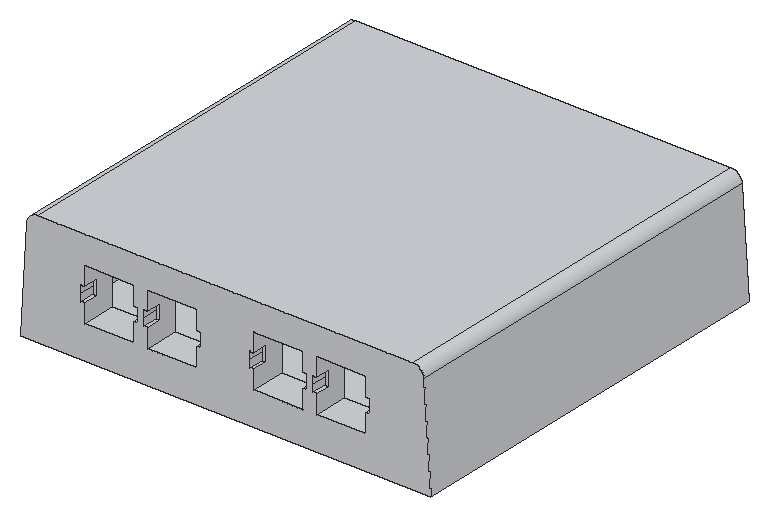
Revit family
Parameters
  Material ID = "760057430"
  Description = "M200 Surface Mount Box, eight port ivory"
Reference planes (in)
  plane 1 "Center (Front/Back)": y = 0
  plane 2: z = 0
  plane 3 "Center (Left/Right)": x = 0
Forms (in)
  Extrusion 1, solid
    sketch origin (0, 0, 0) x (1, 0, 0) y (0, 0, 1)
      loop
        arc (-2.49587, 1.515) -> (-2.5985, 1.4744) -> (-2.64557, 1.37458) r 0.15
        line (-2.64557, 1.37458) -> (-2.7335, 0) -> (2.7335, 0) -> (2.64557, 1.37458)
        arc (2.64557, 1.37458) -> (2.5985, 1.4744) -> (2.49587, 1.515) r 0.15
        line (2.49587, 1.515) -> (-2.49587, 1.515)
    from 0 to 5.3
  Extrusion 2, void
    sketch origin (0, 0, 0) x (1, 0, 0) y (0, 0, 1)
      loop
        line (-1.8746, 1.14298) -> (-1.8746, 0.44298) -> (-1.2166, 0.44298) -> (-1.2166, 1.14298) -> (-1.8746, 1.14298)
      loop
        line (-1.0386, 1.14298) -> (-1.0386, 0.44298) -> (-0.3806, 0.44298) -> (-0.3806, 1.14298) -> (-1.0386, 1.14298)
      loop
        line (1.8746, 1.14298) -> (1.2166, 1.14298) -> (1.2166, 0.44298) -> (1.8746, 0.44298) -> (1.8746, 1.14298)
      loop
        line (1.0386, 1.14298) -> (0.3806, 1.14298) -> (0.3806, 0.44298) -> (1.0386, 0.44298) -> (1.0386, 1.14298)
    from 0 to 12
  Extrusion 3, void
    sketch origin (0, 0, 0) x (1, 0, 0) y (0, 0, 1)
      loop
        line (-1.1656, 0.79298) -> (-1.1656, 0.89298) -> (-1.2166, 0.89298) -> (-1.2166, 0.69298) -> (-1.1656, 0.69298) -> (-1.1656, 0.79298)
      loop
        line (-1.9256, 0.79298) -> (-1.9256, 0.69298) -> (-1.8746, 0.69298) -> (-1.8746, 0.89298) -> (-1.9256, 0.89298) -> (-1.9256, 0.79298)
      loop
        line (-0.3296, 0.79298) -> (-0.3296, 0.89298) -> (-0.3806, 0.89298) -> (-0.3806, 0.69298) -> (-0.3296, 0.69298) -> (-0.3296, 0.79298)
      loop
        line (-1.0896, 0.79298) -> (-1.0896, 0.69298) -> (-1.0386, 0.69298) -> (-1.0386, 0.89298) -> (-1.0896, 0.89298) -> (-1.0896, 0.79298)
      loop
        line (1.1656, 0.79298) -> (1.1656, 0.69298) -> (1.2166, 0.69298) -> (1.2166, 0.89298) -> (1.1656, 0.89298) -> (1.1656, 0.79298)
      loop
        line (1.9256, 0.79298) -> (1.9256, 0.89298) -> (1.8746, 0.89298) -> (1.8746, 0.69298) -> (1.9256, 0.69298) -> (1.9256, 0.79298)
      loop
        line (0.3296, 0.79298) -> (0.3296, 0.69298) -> (0.3806, 0.69298) -> (0.3806, 0.89298) -> (0.3296, 0.89298) -> (0.3296, 0.79298)
      loop
        line (1.0896, 0.79298) -> (1.0896, 0.89298) -> (1.0386, 0.89298) -> (1.0386, 0.69298) -> (1.0896, 0.69298) -> (1.0896, 0.79298)
    from 0 to 0.5
  Extrusion 4, void
    sketch origin (0, -5.3, 0) x (1, 0, 0) y (0, 0, -1)
      loop
        line (-1.1656, -0.79298) -> (-1.1656, -0.69298) -> (-1.2166, -0.69298) -> (-1.2166, -0.89298) -> (-1.1656, -0.89298) -> (-1.1656, -0.79298)
      loop
        line (-1.9256, -0.79298) -> (-1.9256, -0.89298) -> (-1.8746, -0.89298) -> (-1.8746, -0.69298) -> (-1.9256, -0.69298) -> (-1.9256, -0.79298)
      loop
        line (-0.3296, -0.79298) -> (-0.3296, -0.69298) -> (-0.3806, -0.69298) -> (-0.3806, -0.89298) -> (-0.3296, -0.89298) -> (-0.3296, -0.79298)
      loop
        line (-1.0896, -0.79298) -> (-1.0896, -0.89298) -> (-1.0386, -0.89298) -> (-1.0386, -0.69298) -> (-1.0896, -0.69298) -> (-1.0896, -0.79298)
      loop
        line (1.1656, -0.79298) -> (1.1656, -0.89298) -> (1.2166, -0.89298) -> (1.2166, -0.69298) -> (1.1656, -0.69298) -> (1.1656, -0.79298)
      loop
        line (1.9256, -0.79298) -> (1.9256, -0.69298) -> (1.8746, -0.69298) -> (1.8746, -0.89298) -> (1.9256, -0.89298) -> (1.9256, -0.79298)
      loop
        line (0.3296, -0.79298) -> (0.3296, -0.89298) -> (0.3806, -0.89298) -> (0.3806, -0.69298) -> (0.3296, -0.69298) -> (0.3296, -0.79298)
      loop
        line (1.0896, -0.79298) -> (1.0896, -0.69298) -> (1.0386, -0.69298) -> (1.0386, -0.89298) -> (1.0896, -0.89298) -> (1.0896, -0.79298)
    from 0 to 0.2
  Extrusion 5, void
    sketch origin (0, 0, 0) x (1, 0, 0) y (0, 1, 0)
      loop
        line (-0.35216, -3.82011) -> (0, -3.82011) -> (0.35216, -3.82011)
        arc (0.35216, -3.82011) -> (0.5286, -3.64367) -> (0.35216, -3.46722) r 0.17645
        line (0.35216, -3.46722) -> (0, -3.46722) -> (-0.35216, -3.46722)
        arc (-0.35216, -3.46722) -> (-0.5286, -3.64367) -> (-0.35216, -3.82011) r 0.17645
      loop
        arc (-0.35216, -1.47989) -> (-0.5286, -1.65633) -> (-0.35216, -1.83278) r 0.17645
        line (-0.35216, -1.83278) -> (0, -1.83278) -> (0.35216, -1.83278)
        arc (0.35216, -1.83278) -> (0.5286, -1.65633) -> (0.35216, -1.47989) r 0.17645
        line (0.35216, -1.47989) -> (0, -1.47989) -> (-0.35216, -1.47989)
      loop
        line (-0.78583, -3.00216) -> (-0.78583, -2.65) -> (-0.78583, -2.29784)
        arc (-0.78583, -2.29784) -> (-0.96227, -2.1214) -> (-1.13872, -2.29784) r 0.17645
        line (-1.13872, -2.29784) -> (-1.13872, -2.65) -> (-1.13872, -3.00216)
        arc (-1.13872, -3.00216) -> (-0.96227, -3.1786) -> (-0.78583, -3.00216) r 0.17645
      loop
        arc (0.78583, -3.00216) -> (0.96227, -3.1786) -> (1.13872, -3.00216) r 0.17645
        line (1.13872, -3.00216) -> (1.13872, -2.65) -> (1.13872, -2.29784)
        arc (1.13872, -2.29784) -> (0.96227, -2.1214) -> (0.78583, -2.29784) r 0.17645
        line (0.78583, -2.29784) -> (0.78583, -2.65) -> (0.78583, -3.00216)
    from 0 to 1.21698
  Extrusion 6, void
    sketch origin (0, -5.3, 0) x (-1, 0, 0) y (0, 0, 1)
      loop
        line (2.4691, 1.35955) -> (-2.45851, 1.35955) -> (-2.54559, 0.11431) -> (2.55617, 0.11431) -> (2.4691, 1.35955)
    from 0.45822 to 4.8
Cuts and joins
  Extrusion 2, Extrusion 3, Extrusion 4, Extrusion 5, Extrusion 6 cuts Extrusion 1
